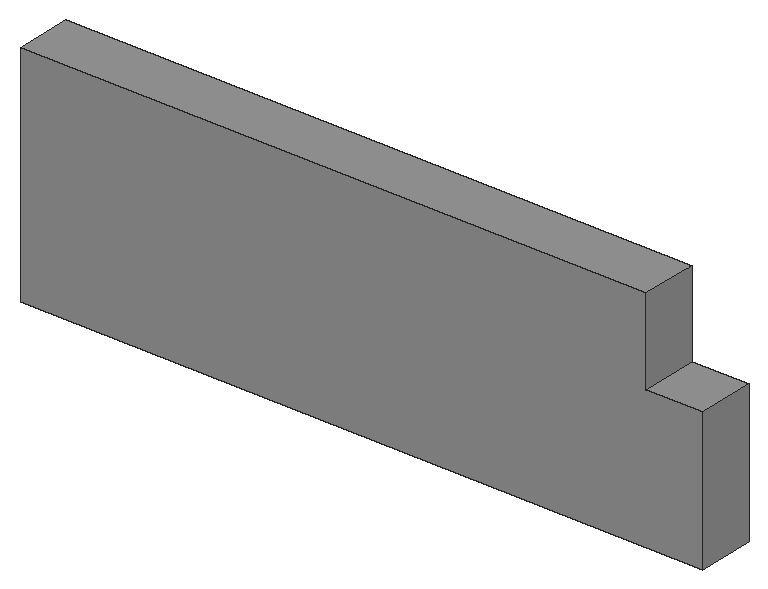
Revit family "1. Doré_NormalP_EN", category Modelos genéricos, Revit 2017
Family settings
  Anfitrión = Muro
  Puede alojar armadura = No
  Cota de conector redondo = Diámetro de uso
  Tipo de pieza = Normal
  Siempre vertical = Sí
  Corte con vacíos al cargar = No
  Compartido = No
  Punto de cálculo de habitación = No
Parameters (values of type "Stonepanel® Doré 20 cm - 60 cm")
  Stonepanel advantages = "More Efficient: Simple and quick installation: 10 times faster than traditional masonry (placing rate average 20m2/day). More profitable: virtually non-existent product waste. Natural Stone products are more durable than other cladding materials. Stonepanel™ installation requires no skilled labour or machinery.\r\nSafer: The incorporated mechanical anchor of Stonepanel™, made of stainless steel, enables the installation of natural stone panel on surfaces higher than two meters. Strong and uniform cement base ensures adherence and allows piece cutting without risk of detachment.\r\nHigh Quality: Manufacturing processes are continually monitored by the R&D Department of CUPAGROUP. A great selection of natural stone is done by the experts of CUPASTONE. Special pieces are available, such as corners (solid, straight end, double end or for windows), coverings and other complementary solutions.\r\nMore Aesthetic: ‘S’-shaped panels to avoid visible joints, in order to enhance the external look of any projet. A wide range of natural stone panels with different colours and finishes is available. Beauty and exclusiveness of the natural stone: each piece is unique."
  Uses Indicated = "Decorative cladding system suitable for indoor and outdoor use on new or existing buildings when attached to solid walls of masonry or concrete."
  URL = "http://www.cupastone.com/cupa/productos/panel-de-piedra/?n=stonepanel-orient-oro"
  Fire resistance = "A1 Non-combustible"
  Durability = "The system has a design life in excess of 30 years."
  Delivery form = "Panels are packed in plastic in pairs."
  Construction details = "Details of:\r\n- Installation with a metal profile\r\n- Installation of Stonepanel\r\n- Installation on interior wall\r\n- Installation of the safety element (perforated band, screws and wall plugs)\r\n- Incoming corner\r\n- Protruding corner\r\n- Prefabricated protruding corner\r\n- Protruding corner with sawn panels\r\n- Protruding corner without Stonepanel continuity (lateral façade)\r\n- Upper edges\r\n- Avobe parapet\r\n- Frame of vain"
  Resistance = "High resistance"
  Weight = "8,75 kg"
  Oxidation = "No oxidation"
  Other relevant info = "All panels installed above 2 m from the ground must be fixed with both mortar adhesive and mechanical fixings"
  Modelo = "Stonepanel® Doré"
  Material = "Golden quartzite with brown and grey tones, that creates an elegant and bright look for modern and rustic projects."
  Cleaning = "Generally the panels do not require maintenance and are self-cleaning but removal of some types of mark may require specialist treatment\r\nFor abnormal soiling, the surface may be cleaned using a hot water/household detergent mixture, applied\r\nwith a suitable cleaning pad or sponge."
  Large = 600 mm
  Imagen de tipo = <Ninguno>
  Format = "600 x 200"
  Form = "“S”-shaped"
  Fabricante = "Cupastone"
  Anchor system = "Perforated steel banding:\r\n- Stainless steel grade AISI 316 (1.4401) or AISI 304 (1.4301) with a minimum thickness of 0.7 mm and width of 12 mm to 15 mm, with holes 6±1 mm in diameter.\r\n- Stainless steel grade AISI 304 (1.4301) with a minimum thickness of 0.8 mm and width of 10±1 mm, with holes 5±1 mm in diameter.\r\n- The steel banding has five holes on each of the two wings, which are aligned in order to fix a screw through both holes into the wall.\r\n\r\nStainless steel screws and wall plugs:\r\nThe pull-out value of the fixings for securing Stonepanel Sky panels to the wall should be determined on site using the characteristic pull-out resistance divided by a minimum safety factor of 3.\r\nPerforated steel banding:\r\n- Stainless steel grade AISI 316 (1.4401) or AISI 304 (1.4301) with a minimum thickness of 0.7 mm and width of 12 mm to 15 mm, with holes 6±1 mm in diameter.\r\n- Stainless steel grade AISI 304 (1.4301) with a minimum thickness of 0.8 mm and width of 10±1 mm, with holes 5±1 mm in diameter.\r\n- The steel banding has five holes on each of the two wings, which are aligned in order to fix a screw through both holes into the wall.\r\n\r\nStainless steel screws and wall plugs:\r\nThe pull-out value of the fixings for securing Stonepanel Sky panels to the wall should be determined on site using the characteristic pull-out resistance divided by a minimum safety factor of 3."
  Tests performed by Avis Technique = "Avis Technique\r\nMechanical strenth of the anchor\r\nResistance of the mechanical fixing\r\nTesting of durability after water\r\nDurability after freeze\r\nSeismic test\r\nFire test"
  Height offset = 0 mm
  Descripción = "Panel made of natural stones bonded to a cement base reinforced with glassfibre mesh"
  Apparent Density = "79,5 kg/m2"
  Secondary colour = "Grey"
  Principal colour = "Gold"
  Certifications = "Avis Technique"
  Aspect = "Contemporary"
  Width = 50 mm
  Height = 200 mm
  Finish = "Natural"
  Absorption = "Low absorption"
Reference planes
  plane 1 "Muro": y = 0
  plane 2 "Centro (Izquierda/Derecha)": x = 125
  plane 3 "Posterior": y = 75
Forms (mm)
  Extrusion 1, solid, material "Stonepanel® SKY Orient Gold"
    sketch origin (0, 160, 1120) x (1, 0, 0) y (0, 0, 1)
      loop
        line (125, -1120) -> (125, -996) -> (75, -996) -> (75, -920) -> (-475, -920) -> (-475, -1120) -> (125, -1120)
    from 35 to 85
Text (mm)
  text "Cara de colocación" at (-1848.837, 1116.779, 0), in view "Nivel de referencia"
  text "Cara de colocación" at (0, 1409.804, 2854.306), in view "Izquierda"
  text "Cara de colocación" at (0, 499.811, 2980.732), in view "Derecha"
Dimensions and locks
  locked: plane 3 "Posterior" to host wall
  locked: Extrusion 1 to plane 3 "Posterior" at 0
  "Width": Extrusion 1 to Extrusion 1
  "Large": Extrusion 1 to Extrusion 1
  locked: Extrusion 1 to Extrusion 1 at 76
  "Height offset": level to Extrusion 1
  locked: Extrusion 1 to Extrusion 1 at 50
  "Height": Extrusion 1 to Extrusion 1
  aligned and locked: plane 1 "Muro" to host wall
Automatic sketch dimensions
  Extrusion 1 sketch curve to level = 0 mm
  Extrusion 1 sketch curve to plane 2 "Centro (Izquierda/Derecha)" = 0 mm
  Extrusion 1 sketch curve to plane 2 "Centro (Izquierda/Derecha)" = 50 mm
  level to Extrusion 1 sketch curve = 200 mm
  Extrusion 1 sketch curve to Extrusion 1 sketch curve = 550 mm
  level to Extrusion 1 sketch curve = 124 mm
